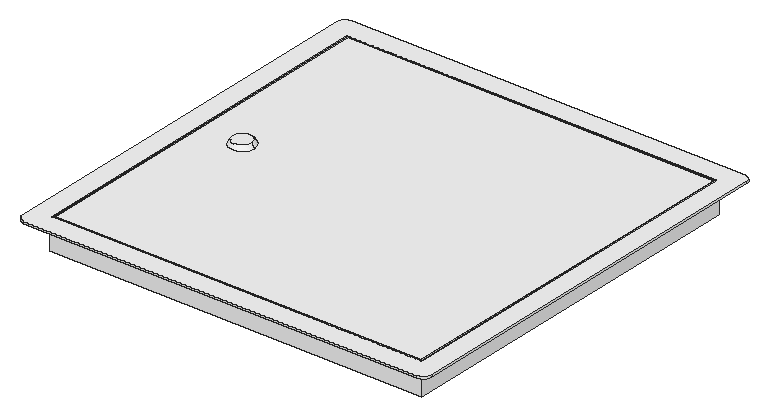
Revit family "KingswayGroup_AccssPnls_Anti-LigatureAccessPanel", category Specialty Equipment, Revit 2020
Family settings
  Round Connector Dimension = Use Diameter
  Part Type = Normal
  Work Plane-Based = No
  Always vertical = Yes
  Cut with Voids When Loaded = No
  Shared = No
  Room Calculation Point = No
Parameters
  WarrantyStartDate [instance] = "1900-12-31T23:59:59"
  WarrantyGuarantorParts = "sales@kingswaygroup.co.uk"
  WarrantyGuarantorLabor = "n/a"
  WarrantyDurationUnit = "year"
  WarrantyDurationParts = "5"
  WarrantyDurationLabor = "n/a"
  WarrantyDescription = "5-Year Guarantee *For faulty manufacture and not for damage"
  Version = "1"
  Uniclass2015Version = "Products v1.36"
  Uniclass2015Title = "Access panels"
  Uniclass2015Code = "Pr_30_59_36_01"
  URL = "https://kingswaygroupglobal.com/"
  TagNumber [instance] = "n/a"
  SustainabilityPerformance = "n/a"
  Size = "450 x 450 mm"
  Shape = "n/a"
  SerialNumber [instance] = "n/a"
  Revision = "n/a"
  ReplacementCost = "n/a"
  ProductInformation = "https://kingswaygroupglobal.com/product/anti-ligature-access-panel?noredirect=true"
  NominalWidth = 38 mm  # constant formula
  NominalLength = 508 mm  # constant formula
  NominalHeight = 508 mm  # constant formula
  Name = "AccessPanels_Anti-LigatureAccessPanel_KG362_KingswayGroup"
  ModelReference = "Anti-Ligature Access Panel"
  ModelNumber = "KG362"
  Model = ModelNumber  # "KG362"
  Material = "Steel"
  ManufacturerURL = "https://kingswaygroupglobal.com/"
  ManufacturerName = "Kingsway Group"  # constant formula
  Manufacturer = ManufacturerName  # "Kingsway Group"
  LockMaterial = NBS_Concept
  InstallationDate [instance] = "1900-12-31T23:59:59"
  IfcExportType = "USERDEFINED"  # constant formula
  IfcExportAs = "IfcDoorType"  # constant formula
  Grade = "n/a"
  Finish = "For full range of available finishes and colours, contact Kingsway Group"
  Features = "A highly secure Anti-Ligature Access Panel designed for ease of operation whilst minimising the ligature risk and protecting against self-harming. The secure steel panel allows for simple yet secure access to vital services whilst protecting against the risk of fire and physical product abuse."
  ExpectedLife = "n/a"
  DurationUnit = "year"
  DoorMaterial = NBS_Concept
  Description = "Access Panel 450 x 450 mm"
  Default Elevation = 0 mm
  Constituents = "n/a"
  Color = "For full range of available finishes and colours, contact Kingsway Group"
  CodePerformance = "n/a"
  Category = "Pr_30_59_36_01:Access panels"
  BarCode [instance] = "n/a"
  BIMObjectName = "KingswayGroup_AccessPanels_Anti-LigatureAccessPanel"
  Author = "Kingsway Group"  # constant formula
  AssetType = "Fixed"
  AssetIdentifier [instance] = "n/a"
  AccessibilityPerformance = "n/a"
Reference planes
  plane 1 "Center (Front/Back)": y = 0
  plane 2: z = 0
  plane 3 "Center (Left/Right)": x = 0
  plane 4: z = 38
  plane 5: z = 36
  plane 6: z = 2
  plane 7: z = 43
Forms (mm)
  Extrusion 1, solid, material "NBS_Concept" <- "DoorMaterial"
    sketch origin (0, 0, 0) x (1, 0, 0) y (0, 1, 0)
      loop
        arc (-254.037, -244.051) -> (-251.108, -251.122) -> (-244.037, -254.051) r 10
        line (-244.037, -254.051) -> (243.963, -254.051)
        arc (243.963, -254.051) -> (251.035, -251.122) -> (253.963, -244.051) r 10
        line (253.963, -244.051) -> (253.963, 243.949)
        arc (253.963, 243.949) -> (251.035, 251.02) -> (243.963, 253.949) r 10
        line (243.963, 253.949) -> (-244.037, 253.949)
        arc (-244.037, 253.949) -> (-251.108, 251.02) -> (-254.037, 243.949) r 10
        line (-254.037, 243.949) -> (-254.037, -244.051)
      loop
        line (-229.166, -229.004) -> (228.916, -229.004) -> (228.916, 228.901) -> (-229.166, 228.901) -> (-229.166, -229.004)
    from 36 to 38
  Extrusion 2, solid, material "NBS_Concept" <- "DoorMaterial"
    sketch origin (0, 0, 0) x (1, 0, 0) y (0, 1, 0)
      loop
        line (-229.166, -229.004) -> (228.916, -229.004) -> (228.916, 228.901) -> (-229.166, 228.901) -> (-229.166, -229.004)
      loop
        line (-231.166, -231.004) -> (230.916, -231.004) -> (230.916, 230.901) -> (-231.166, 230.901) -> (-231.166, -231.004)
    from 0 to 36
  Extrusion 3, solid, material "NBS_Concept" <- "DoorMaterial"
    sketch origin (0, 0, 0) x (1, 0, 0) y (0, 1, 0)
      loop
        line (230.916, 230.901) -> (-231.166, 230.901) -> (-231.166, -231.004) -> (230.916, -231.004) -> (230.916, 230.901)
      loop
        line (-221.166, -221.004) -> (220.916, -221.004) -> (220.916, 220.901) -> (-221.166, 220.901) -> (-221.166, -221.004)
    from 0 to 2
  Extrusion 4, solid, material "NBS_Concept" <- "DoorMaterial"
    sketch origin (0, 0, 0) x (1, 0, 0) y (0, 1, 0)
      loop
        arc (-227.179, 228.372) -> (-227.803, 228.099) -> (-228.107, 227.49) r 1
        line (-228.107, 227.49) -> (-228.107, -227.49)
        arc (-228.107, -227.49) -> (-227.803, -228.099) -> (-227.179, -228.372) r 1
        line (-227.179, -228.372) -> (227.882, -228.372)
        arc (227.882, -228.372) -> (228.506, -228.099) -> (228.81, -227.49) r 1
        line (228.81, -227.49) -> (228.81, 227.49)
        arc (228.81, 227.49) -> (228.506, 228.099) -> (227.882, 228.372) r 1
        line (227.882, 228.372) -> (-227.179, 228.372)
      loop
        line (-227.049, 227.49) -> (-227.049, -227.593) -> (227.858, -227.593) -> (227.858, 227.49) -> (-227.049, 227.49)
    from 4.049 to 38
  Extrusion 5, solid, material "NBS_Concept" <- "DoorMaterial"
    sketch origin (0, 0, 0) x (1, 0, 0) y (0, 1, 0)
      loop
        line (-227.049, 227.49) -> (-227.049, -227.593) -> (227.858, -227.593) -> (227.858, 227.49) -> (-227.049, 227.49)
    from 36 to 38
  Blend 6, solid, material "NBS_Concept" <- "LockMaterial"
    base sketch origin (0, 0, 0) x (1, 0, 0) y (0, 1, 0)
      loop
        circle (-175.108, -1.641) r 14.991
    top sketch origin (0, 0, 0) x (1, 0, 0) y (0, 1, 0)
      loop
        circle (-175.134, -1.589) r 11.692
    from 38 to 43
Cuts and joins
  joined: Extrusion 1, Extrusion 2, Extrusion 3
Dimensions and locks
  plane 4 to plane 2 = 38 mm
  aligned and locked: level to plane 2
  aligned and locked: plane 4 to Extrusion 1
  aligned and locked: Extrusion 2 to level
  aligned and locked: Extrusion 2 to Extrusion 1
  aligned and locked: Extrusion 3 to level
  aligned and locked: plane 6 to Extrusion 3
  aligned and locked: Extrusion 1 to Extrusion 4
  aligned and locked: Extrusion 1 to Extrusion 5  (x2)
